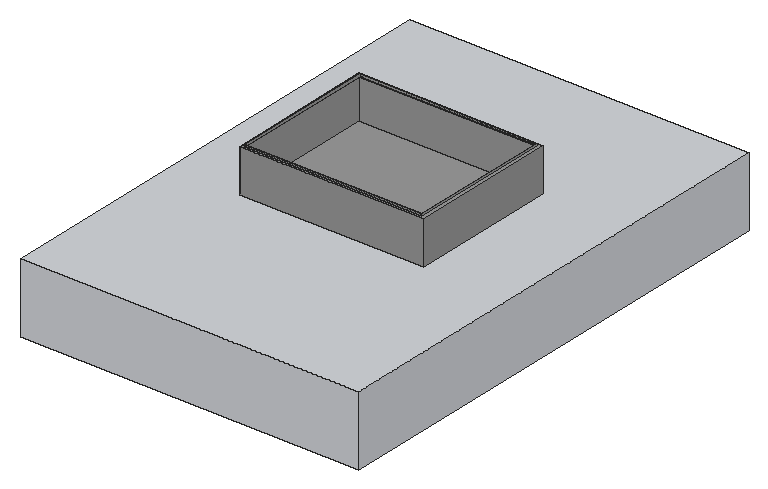
Revit family "Hager-Univers-IP30-D205-H650-Cl.II-Encl-CH-it", category Equipement électrique, Revit 2020
Family settings
  Hôte = Face
  Configuration du panneau = Deux colonnes, circuits au sein
  Cote de connecteur circulaire = Utiliser le diamètre
  Type d'élément = Tableau de raccordement
  Couper avec des vides une fois chargée = Non
  Partagée = Non
  Point de calcul de pièce = Non
Parameters (values of type "A parete IP30 L800 A650 P205  - FP43Q1S")
  Width Control [instance] = if([EF000008 - Larghezza] > Min Width, [EF000008 - Larghezza], Min Width)  # 800 mm
  Commentaires du type = [HG000003 - Gamma]  # "Univers"
  Thickness Door [instance] = if([EF009171 - spessore materiale porta/coperchio] > 3 mm, 3 mm, [EF009171 - spessore materiale porta/coperchio])  # 1 mm
  Seal Frame Offset [instance] = 17 mm  # constant formula
  Plinth Visibility [instance] = [HG000027 - Altezza dello zoccolo] > 0 mm  # no
  Model = ""
  Min Width [instance] = 100 mm  # constant formula
  Min Height [instance] = 100 mm  # constant formula
  Min Depth [instance] = (2 * [EF009170 - spessore materiale scatola]) + 1 mm  # 3 mm
  Internal Frame Depth [instance] = (Door System Depth * 0.5)  # 9 mm
  Height Control [instance] = if([EF000040 - Altezza] > Min Height, [EF000040 - Altezza], Min Height)  # 650 mm
  HG000027 - Altezza dello zoccolo = 0 mm
  HG000026 - A pavimento = no
  HG000024 - Altezza della sezione inferiore = 800 mm
  HG000023 - Custodia a doppia sezione = no
  HG000016 - Visibilità delle porte nella vista 3D [instance] = yes
  HG000015 - Visibilità attraverso la porta [instance] = no
  HG000014 - Porta destra [instance] = yes
  HG000013 - Porta sinistra [instance] = not([HG000014 - Porta destra])  # no
  HG000012 - Angolo di apertura della porta [instance] = 30.00°
  HG000010 - Porte asimmetriche = no
  HG000009 - Porta doppia a battente = no
  HG000006 - Ad incasso = no
  HG000004 - Codice produttore = "FP43Q1S"
  HG000003 - Gamma = "Univers"
  HG000002 - Con porta = no
  Frame Offset Bottom [instance] = 10 mm  # constant formula
  Frame Offset [instance] = 15 mm  # constant formula
  EF015940 - Coprire con rilascio di sovrapressione = no
  EF011959 - tipo di protezione (NEMA) = ""
  EF009554 - numero delle aperture per la piastra della flangia = 6
  Fabricant = "Hager"  # constant formula
  EF009212 - esecuzione coperchio = "EV009916 - con taglio"
  EF009171 - spessore materiale porta/coperchio = 1 mm
  EF009170 - spessore materiale scatola = 1 mm
  EF008873 - corrente nominale (In) = 250 A
  EF007800 - adatto per parafulmine = no
  EF006306 - con serratura = no
  EF006244 - coperchio/porta trasparente = no
  EF005474 - grado di protezione (IP) = "EV006410 - IP30"
  EF004464 - tipo di porta = "EV000494 - senza"
  EF004427 - numero di moduli = 144
  EF004293 - resistenza agli urti = "EV006813 - IK07"
  EF003532 - adatto per uso esterno = no
  EF002950 - Numero moduli DIN = 36
  EF001613 - Integrità del circuito = "EV000494 - senza"
  EF001596 - Attacco Lampada = "EV000179 - acciaio"
  EF001131 - profondità interna = 130 mm
  EF001088 - possibilità di applicazione = yes
  EF000437 - numero di ingressi per conduttori = 6
  EF000339 - tipo di copertura = "EV000494 - senza"
  EF000266 - numero di file = 4
  EF000218 - profondità di incasso = 0 mm
  EF000118 - con piastra di montaggio = no
  EF000116 - numero RAL = "9010"
  EF000049 - profondità = 205 mm
  EF000040 - Altezza = 650 mm
  EF000008 - Larghezza = 800 mm
  EF000007 - colore = "EV000202 - bianco"
  EF000003 - Tipo di montaggio = "EV000384 - A parete"
  Door System Leaf Tolerance [instance] = 1.5 mm  # constant formula
  Door System Depth [instance] = 18 mm  # constant formula
  Door Height [instance] = Height Control - [HG000027 - Altezza dello zoccolo]  # 650 mm
  Depth Control [instance] = if([EF000049 - profondità] > Min Depth, [EF000049 - profondità], Min Depth)  # 205 mm
  Default Elevation = 0 mm
  Connector Offset [instance] = Height Control / 2  # 325 mm
  Bottom Top Plate Trim [instance] = 1.5 mm  # constant formula
  Plinth height Ctrl [instance] = if([HG000027 - Altezza dello zoccolo] > 0 mm, [HG000027 - Altezza dello zoccolo], 12 mm)  # 12 mm
Types (5, lengths in mm): name | Width Control | HG000004 - Codice produttore | EF009554 - numero delle aperture per la piastra della flangia | EF004427 - numero di moduli | EF002950 - Numero moduli DIN | EF000437 - numero di ingressi per conduttori | EF000008 - Larghezza
  A parete IP30 L1050 A650 P205  - FP44Q1S | 1050 | "FP44Q1S" | 8 | 192 | 48 | 8 | 1050
  A parete IP30 L1300 A650 P205  - FP45Q1S | 1300 | "FP45Q1S" | 10 | 240 | 60 | 10 | 1300
  A parete IP30 L300 A650 P205  - FP41Q1S | 300 | "FP41Q1S" | 2 | 48 | 12 | 2 | 300
  A parete IP30 L550 A650 P205  - FP42Q1S | 550 | "FP42Q1S" | 4 | 96 | 24 | 4 | 550
  A parete IP30 L800 A650 P205  - FP43Q1S | 800 | "FP43Q1S" | 6 | 144 | 36 | 6 | 800
Reference planes
  plane 1 "Center (Front/Back)": y = 0
  plane 2: z = 0
  plane 3 "Center (Left/Right)": x = 0
  plane 4: z = 205
  plane 5: y = 1
  plane 6: y = 325
  plane 7: y = 0
  plane 8: y = 650
  plane 9: z = 0
  plane 10: x = -385
  plane 11: x = 385
  plane 12: x = 384
  plane 13: x = -384
  plane 14: y = 649
  plane 15: x = -383
  plane 16: x = -400
  plane 17: x = 383
  plane 18: x = 400
  plane 19: x = 399
  plane 20: x = -399
  plane 21: y = 11
  plane 22: y = 650
  plane 23: y = 634
  plane 24: z = 187
  plane 25: z = 1
  plane 26: z = 186
  plane 27: z = 204
Forms (mm)
  Extrusion 1, solid
    sketch origin (0, 0, 0) x (1, 0, 0) y (0, 1, 0)
      loop
        line (-702.964, 1305) -> (-702.964, -811.445) -> (766.763, -811.445) -> (766.763, 1305) -> (-702.964, 1305)
    from 0 to -304.8
  Extrusion 2, solid, material "Hager_Steel_RAL7035_Light_Grey", visible <- "Plinth Visibility", detail levels medium+fine
    sketch origin (0, 0, 0) x (1, 0, 0) y (0, 1, 0)
      loop
        line (-400, 0) -> (400, 0) -> (400, 12) -> (-400, 12) -> (-400, 0)
    from 0 to 187
  Extrusion 3, solid, material "Hager_Steel_RAL7035_Light_Grey", detail levels medium+fine
    sketch origin (0, 0, 0) x (1, 0, 0) y (0, 1, 0)
      loop
        line (-400, 0) -> (400, 0) -> (400, 650) -> (-400, 650) -> (-400, 0)
    from 0 to 187
  Extrusion 4, void
    sketch origin (0, 0, 0) x (1, 0, 0) y (0, 1, 0)
      loop
        line (-399, 1) -> (399, 1) -> (399, 649) -> (-399, 649) -> (-399, 1)
    from 1 to 186
  Extrusion 5, void
    sketch origin (-381.607, -4572, 187) x (0, -1, 0) y (-1, 0, 0)
      loop
        line (-4583, 2.393) -> (-5206, 2.393) -> (-5206, -765.607) -> (-4583, -765.607) -> (-4583, 2.393)
    from 0 to 1 <- "EF009170 - spessore materiale scatola"
  Extrusion 6, solid, material "Hager_Steel_RAL7035_Light_Grey", detail levels fine
    sketch origin (0, 0, 187) x (1, 0, 0) y (0, 1, 0)
      loop
        line (-384, 634) -> (-384, 11) -> (384, 11) -> (384, 634) -> (-384, 634)
      loop
        line (-385, 10) -> (385, 10) -> (385, 635) -> (-385, 635) -> (-385, 10)
    from 0 to 9 <- "Internal Frame Depth"
  Extrusion 7, solid, material "Hager_Steel_RAL7035_Light_Grey", detail levels coarse
    sketch origin (0, 0, 0) x (1, 0, 0) y (0, 1, 0)
      loop
        line (-400, 0) -> (400, 0) -> (400, 650) -> (-400, 650) -> (-400, 0)
    from 0 to 205
  Sweep 8, void
    path in 3D
      loop
        line (-400, 12, 0) -> (400, 12, 0) -> (400, 12, 187) -> (-400, 12, 187) -> (-400, 12, 0)
    profile origin (-400, 12, 93.5) x (-1, 0, 0) y (0, -1, 0)
      loop
        line (0, 0) -> (0, 1.5) -> (-1.5, 1.5)
        arc (-1.5, 1.5) -> (-1.061, 0.439) -> (0, 0) r 1.5
Cuts and joins
  Extrusion 4, Extrusion 5 cuts Extrusion 3
  Sweep 8 cuts Extrusion 2
Lines and regions (mm)
  Masking region 1
    outline origin (0, 0, 0) x (1, 0, 0) y (0, 0, 1)
      loop
        line (-400, 205) -> (-400, 0) -> (400, 0) -> (400, 205) -> (-400, 205)
  Masking region 2, detail levels medium+fine
    outline origin (0, 140, 0) x (0, 1, 0) y (0, 0, 1)
      loop
        line (-140, 0) -> (510, 0) -> (510, 187) -> (-140, 187) -> (-140, 0)
  Masking region 3, not visible, detail levels medium+fine
    outline origin (0, 297.922, 0) x (0, 1, 0) y (0, 0, 1)
      loop
        line (38.578, 0) -> (78.578, 0) -> (78.578, 194)
        arc (78.578, 194) -> (75.649, 201.071) -> (68.578, 204) r 10
        line (68.578, 204) -> (38.578, 204) -> (38.578, 0)
  Masking region 4, detail levels coarse
    outline origin (0, 0, 180) x (0, 1, 0) y (0, 0, 1)
      loop
        line (0, -180) -> (650, -180) -> (650, 25) -> (0, 25) -> (0, -180)
  Masking region 5, visible <- "Plinth Visibility", detail levels medium+fine
    outline origin (0, 52.24, 12.345) x (0, 0, -1) y (0, 1, 0)
      loop
        line (10.845, -40.24) -> (-173.155, -40.24)
        arc (-173.155, -40.24) -> (-173.594, -41.301) -> (-174.655, -41.74) r 1.5
        line (-174.655, -41.74) -> (-174.655, -52.24) -> (12.345, -52.24) -> (12.345, -41.74)
        arc (12.345, -41.74) -> (11.285, -41.301) -> (10.845, -40.24) r 1.5
  Masking region 6, detail levels medium+fine
    outline origin (-381.607, -4572, 187) x (-1, 0, 0) y (0, -1, 0)
      loop
        line (18.393, -5222) -> (18.393, -4572) -> (-781.607, -4572) -> (-781.607, -5222) -> (18.393, -5222)
  Masking region 7, visible <- "Plinth Visibility", detail levels medium+fine
    outline origin (-381.607, -4727, 187) x (-1, 0, 0) y (0, -1, 0)
      loop
        arc (16.893, -4739) -> (17.332, -4737.939) -> (18.393, -4737.5) r 1.5
        line (18.393, -4737.5) -> (18.393, -4727) -> (-781.607, -4727) -> (-781.607, -4737.5)
        arc (-781.607, -4737.5) -> (-780.546, -4737.939) -> (-780.107, -4739) r 1.5
        line (-780.107, -4739) -> (16.893, -4739)
  Masking region 8, detail levels coarse
    outline origin (-442.548, -4669.526, 187) x (-1, 0, 0) y (0, -1, 0)
      loop
        line (-42.548, -5319.526) -> (-42.548, -4669.526) -> (-842.548, -4669.526) -> (-842.548, -5319.526) -> (-42.548, -5319.526)
  sketch lines
    curve 1: line (-400, 12, 187) -> (-400, 12, 0)
    curve 2: line (400, 12, 187) -> (-400, 12, 187)
    curve 3: line (400, 12, 187) -> (400, 12, 0)
    curve 4: line (-400, 12, 0) -> (400, 12, 0)
Dimensions and locks
  "Depth Control": plane 4 to Extrusion 1
  "HG000027 - Altezza dello zoccolo": plane 1 "Center (Front/Back)" to plane 7
  "EF009170 - spessore materiale scatola": plane 5 to plane 7
  locked: connector elem to plane 3 "Center (Left/Right)"
  equal spacing: plane 8, plane 6, plane 7
  locked: connector elem to plane 6
  "EF009170 - spessore materiale scatola": plane 8 to plane 14
  "EF009170 - spessore materiale scatola": plane 10 to plane 13
  "EF009170 - spessore materiale scatola": plane 12 to plane 11
  "Frame Offset": plane 20 to plane 13
  "Frame Offset": plane 12 to plane 19
  "EF009170 - spessore materiale scatola": plane 16 to plane 20
  "EF009170 - spessore materiale scatola": plane 19 to plane 18
  "Seal Frame Offset": plane 16 to plane 15
  "Seal Frame Offset": plane 17 to plane 18
  "Frame Offset Bottom": plane 21 to plane 5
  "Frame Offset": plane 14 to plane 23
  equal spacing: plane 16, plane 3 "Center (Left/Right)", plane 18
  "Width Control": plane 16 to plane 18
  "EF009170 - spessore materiale scatola": plane 4 to plane 27
  "EF009170 - spessore materiale scatola": plane 24 to plane 26
  "EF009170 - spessore materiale scatola": plane 25 to level
  "Door System Depth": plane 4 to plane 24
  "Height Control": plane 1 "Center (Front/Back)" to Extrusion 7 sketch curve
  "Height Control": Masking region 4 sketch curve to plane 1 "Center (Front/Back)"
  "Height Control": plane 1 "Center (Front/Back)" to plane 22
  "Bottom Top Plate Trim": profile plane to Sweep 8 sketch curve
  "Bottom Top Plate Trim": Sweep 8 sketch curve to profile plane
  "Plinth height Ctrl": plane 1 "Center (Front/Back)" to Extrusion 2 sketch curve
  "Plinth height Ctrl": Masking region 5 sketch curve to plane 1 "Center (Front/Back)"
  "Plinth height Ctrl": plane 1 "Center (Front/Back)" to Masking region 7 sketch curve
  "Thickness Door": Extrusion 6 sketch curve to Extrusion 6 sketch curve  (x3)
  "Thickness Door": cut or joined group of Extrusion 3, Extrusion 4, Extrusion 5 to Extrusion 6 sketch curve
  radius of Masking region 3 sketch curve = 10 mm
  "Bottom Top Plate Trim": radius of Masking region 5 sketch curve  (x2)
  "Bottom Top Plate Trim": radius of Sweep 8 sketch curve
  "Bottom Top Plate Trim": radius of Masking region 7 sketch curve  (x2)
  aligned and locked: plane 2 to Extrusion 1
  aligned and locked: level to Extrusion 1
  aligned and locked: level to Masking region 1 sketch curve
  aligned and locked: Masking region 1 sketch curve to plane 18
  aligned and locked: Masking region 1 sketch curve to plane 16
  aligned and locked: plane 7 to Masking region 2 sketch curve
  aligned and locked: level to Masking region 3 sketch curve
  aligned and locked: Masking region 3 sketch curve to plane 27
  aligned and locked: level to Masking region 2 sketch curve
  aligned and locked: plane 1 "Center (Front/Back)" to Extrusion 2 sketch curve
  aligned and locked: Extrusion 3 sketch curve to plane 7
  aligned and locked: plane 16 to Extrusion 3 sketch curve
  aligned and locked: plane 18 to Extrusion 3 sketch curve
  aligned and locked: plane 20 to Extrusion 4 sketch curve
  aligned and locked: plane 19 to Extrusion 4 sketch curve
  aligned and locked: Extrusion 4 sketch curve to plane 5
  aligned and locked: Extrusion 4 to plane 25
  aligned and locked: plane 26 to Extrusion 4
  aligned and locked: plane 24 to Extrusion 3
  aligned and locked: Extrusion 5 sketch curve to plane 21
  aligned and locked: Extrusion 5 sketch curve to plane 13
  aligned and locked: Extrusion 5 sketch curve to plane 12
  aligned and locked: plane 18 to Extrusion 7 sketch curve
  aligned and locked: plane 1 "Center (Front/Back)" to Extrusion 7 sketch curve
  aligned and locked: plane 16 to Extrusion 7 sketch curve
  aligned and locked: plane 4 to Extrusion 7
  aligned and locked: Extrusion 7 to level
  aligned and locked: level to Masking region 4 sketch curve
  aligned and locked: Masking region 4 sketch curve to plane 1 "Center (Front/Back)"
  aligned and locked: Masking region 4 sketch curve to plane 4
  aligned and locked: nested 1 to level
  aligned and locked: nested 1 to plane 16
  aligned and locked: plane 8 to Extrusion 3 sketch curve
  aligned and locked: plane 23 to Extrusion 5 sketch curve
  aligned and locked: plane 14 to Extrusion 4 sketch curve
  aligned and locked: Masking region 2 sketch curve to plane 8
  aligned and locked: level to Masking region 5 sketch curve
  aligned and locked: plane 16 to Extrusion 2 sketch curve
  aligned and locked: plane 18 to Extrusion 2 sketch curve
  aligned and locked: Masking region 5 sketch curve to plane 24
  aligned and locked: Masking region 2 sketch curve to plane 24
  aligned and locked: plane 24 to Extrusion 2
  aligned and locked: profile plane to Sweep 8 sketch curve  (x2)
  aligned and locked: Masking region 6 sketch curve to plane 18
  aligned and locked: Masking region 6 sketch curve to plane 22
  aligned and locked: Masking region 6 sketch curve to plane 16
  aligned and locked: plane 8 to plane 22
  aligned and locked: Masking region 6 sketch curve to plane 7
  aligned and locked: Masking region 7 sketch curve to plane 16
  aligned and locked: Masking region 7 sketch curve to plane 1 "Center (Front/Back)"
  aligned and locked: Masking region 7 sketch curve to plane 18
  aligned and locked: Masking region 8 sketch curve to plane 1 "Center (Front/Back)"
  aligned and locked: Masking region 8 sketch curve to plane 18
  aligned and locked: Masking region 8 sketch curve to plane 22
  aligned and locked: Masking region 8 sketch curve to plane 16
  aligned and locked: nested 2 to plane 7
  aligned and locked: plane 3 "Center (Left/Right)" to nested 2
  aligned and locked: nested 2 to plane 24
  aligned and locked: Extrusion 6 sketch curve to cut or joined group of Extrusion 3, Extrusion 4, Extrusion 5  (x4)
Automatic sketch dimensions
  Extrusion 1 sketch curve to Extrusion 1 sketch curve = 1469.727 mm
  Extrusion 1 sketch curve to Extrusion 1 sketch curve = 2116.445 mm
  Masking region 1 sketch curve to plane 4 = 0 mm
  plane 6 to Masking region 3 sketch curve = 11.5 mm
  Masking region 3 sketch curve to Masking region 3 sketch curve = 30 mm
  Masking region 5 sketch curve to plane 1 "Center (Front/Back)" = 0 mm
Nested families
  nested 1: "Hager_Enclosure_Symbol" at (-400, 0, 0) x (1, 0, 0) z (0, -1, 0), Height <- "Depth Control", Width <- "Width Control", type "Hager_Enclosure_Symbol"
    with Width_Ctrl 800 mm, Width 800 mm, Height_Ctrl 205 mm, Height 205 mm, A_Width_Int 13.453 mm, A_Width 161.438 mm, A_Height_Ctrl 179.375 mm, A_Height 179.375 mm
  nested 2: "EC000058_Univers_Door" at (0, 0, 187) x (1, 0, 0) z (0, 1, 0), Leaf_Tolerance <- "Door System Leaf Tolerance", Angle <- "HG000012 - Angolo di apertura della porta", Door_Depth <- "Door System Depth", Door_Left <- "HG000013 - Porta sinistra", Transparent <- "EF006244 - coperchio/porta trasparente", Assymetrical <- "HG000010 - Porte asimmetriche", Width <- "Width Control", Clearance <- "HG000015 - Visibilità attraverso la porta", Double <- "HG000009 - Porta doppia a battente", 3d_Door <- "HG000016 - Visibilità delle porte nella vista 3D", Lock_Visibility <- "EF006306 - con serratura", Width_Ctrl <- "Width Control", Door_Right <- "HG000014 - Porta destra", Door <- "HG000002 - Con porta", Height <- "Door Height", Thickness <- "Thickness Door", type "EC000058_Univers_Door", detail levels medium+fine
    with min_wh 3 mm, Width_Ctrl 800 mm, Width 800 mm, Transparent no, Thickness 1 mm, Seal_Material Hager_Rubber, Lock_Visibility no, Lock_Material Hager_Plastic_RAL9005_Jet_Black, Leaf_Width 800 mm, Leaf_Tolerance_External_Sides 0 mm, Leaf_Tolerance 1.5 mm, Leaf_Offset 0 mm, Leaf_Height 647 mm, Leaf_2_Width 800 mm, Leaf_2_Offset 400 mm, Leaf_1_Width 800 mm, Leaf_1_Offset 400 mm, Height_Ctrl 650 mm, Height 650 mm, Glass_Material Hager_Glass, Double_Clearance_Ctrl no, Double no, Door_Right_Ctrl no, Door_Right yes, Door_Material Hager_Steel_RAL7035_Light_Grey, Door_Left_Ctrl no, Door_Left no, Door_Depth 18 mm, Door no, Clearance_Material Hager_Clearance, Clearance_Depth 800 mm, Clearance_Ctrl no, Clearance no, Assymetrical no, Angle 30.00°, 3d_Door yes
Connectors
  electrical at (0, 325, 0)
    settings: on plane 9, index 1, voltage 0 V, apparent load 0 VA, apparent load phase1 0 VA, apparent load phase2 0 VA, apparent load phase3 0 VA, power factor 1, load classification "Other", number of poles 1, system type 30, power factor state 1, is connector primary yes, connector utility no, sub classification motor no, connector description ""
Definition of nested family "Hager_Enclosure_Symbol"
  Parameters (values of type "Hager_Enclosure_Symbol")
    Width_Ctrl [instance] = if(Width > 1 mm, Width, 1 mm)  # 102.27 mm
    Width [instance] = 102.27 mm
    Height_Ctrl [instance] = if(Height > 1 mm, Height, 1 mm)  # 66.5 mm
    A_Width_Int [instance] = if(A_Width / 12 > 2 mm, A_Width / 12, 2 mm)  # 4.364 mm
    A_Width [instance] = if(A_Height_Ctrl * 0.9 > 2 mm, A_Height_Ctrl * 0.9, 2 mm)  # 52.369 mm
    A_Height_Ctrl [instance] = if(A_Height > 2 mm, A_Height, 2 mm)  # 58.188 mm
    Height [instance] = 66.5 mm
    A_Height [instance] = Height - (Height / 8)  # 58.188 mm
  Reference planes
    plane 1 "Centre (avant/arrière)": y = 0
    plane 2: z = 0
    plane 3 "Centre (gauche/droite)": x = 0
    plane 4: x = 52.369
    plane 5: y = 33.042
    plane 6: y = 41.77
    plane 7: y = 66.5
    plane 8: x = 26.184
    plane 9: y = 37.406
    plane 10: x = 102.27
    plane 11: y = 66.5
    plane 12: y = 8.313
  Lines and regions (mm)
    Filled region 1, type "Solid_Black", in view "Niveau de réf."
      outline origin (0, 0, 0) x (1, 0, 0) y (0, 1, 0)
        loop
          line (52.369, 66.5) -> (33.188, 54.536) -> (45.365, 45.006) -> (52.369, 66.5)
    Filled region 2, type "Solid_Black", in view "Niveau de réf."
      outline origin (0, 0, 0) x (1, 0, 0) y (0, 1, 0)
        loop
          line (0, 0) -> (102.27, 0) -> (102.27, 66.5) -> (0, 0)
    detail lines, in view "Niveau de réf."
      curve 1: line (0, 8.313, 0) -> (26.184, 41.77, 0)
      curve 2: line (26.184, 41.77, 0) -> (26.184, 33.042, 0)
      curve 3: line (26.184, 33.042, 0) -> (52.369, 66.5, 0)
  Dimensions and locks
    "A_Width": plane 3 "Centre (gauche/droite)" to plane 4
    equal spacing: plane 3 "Centre (gauche/droite)", plane 8, plane 4
    equal spacing: plane 6, plane 9, plane 5
    equal spacing: curve 3, Filled region 1 sketch curve, Filled region 1 sketch curve
    "Height_Ctrl": plane 1 "Centre (avant/arrière)" to plane 11
    "A_Height_Ctrl": plane 11 to plane 12
    equal spacing: plane 11, plane 9, plane 12
    "A_Width_Int": plane 6 to plane 9
    "Width_Ctrl": plane 3 "Centre (gauche/droite)" to plane 10
    angle Filled region 1 sketch curve to curve 3 = 20.00°
    angle curve 3 to Filled region 1 sketch curve = 20.00°
    locked: curve 3 to Filled region 1 sketch curve (angle 90.00°)
    aligned and locked: plane 10 to Filled region 2
    aligned and locked: plane 11 to Filled region 2 sketch curve
    aligned and locked: plane 10 to Filled region 2 sketch curve
    aligned and locked: plane 3 "Centre (gauche/droite)" to curve 1
    aligned and locked: plane 12 to curve 1
    aligned and locked: plane 7 to plane 11
  Automatic sketch dimensions
    Filled region 1 sketch curve to plane 4 = 0 mm
    Filled region 1 sketch curve to plane 7 = 0 mm
    plane 1 "Centre (avant/arrière)" to Filled region 2 sketch curve = 0 mm
    Filled region 2 sketch curve to plane 3 "Centre (gauche/droite)" = 0 mm
    curve 2 to plane 6 = 0 mm
    curve 2 to plane 8 = 0 mm
    curve 3 to plane 4 = 0 mm
    curve 2 to plane 5 = 0 mm
    curve 3 to plane 7 = 0 mm
Definition of nested family "EC000058_Univers_Door"
  Parameters (values of type "EC000058_Univers_Door")
    min_wh [instance] = (2 * Thickness) + 1 mm  # 11 mm
    Width_Ctrl [instance] = 400 mm
    Width [instance] = 500 mm
    Transparent [instance] = yes
    Thickness [instance] = 5 mm
    Seal_Material [instance] = none
    Lock_Visibility [instance] = yes
    Lock_Material [instance] = none
    Leaf_Width [instance] = if((Width_Ctrl - 2 * Leaf_Tolerance_External_Sides) > 0 mm, (Width_Ctrl - 2 * Leaf_Tolerance_External_Sides), min_wh)  # 400 mm
    Leaf_Tolerance_External_Sides [instance] = 0 mm  # constant formula
    Leaf_Tolerance [instance] = 1.5 mm
    Leaf_Offset [instance] = 0 mm  # constant formula
    Leaf_Height [instance] = if((Height_Ctrl - 2 * Leaf_Tolerance) > 0 mm, (Height_Ctrl - 2 * Leaf_Tolerance), min_wh)  # 497 mm
    Leaf_2_Width [instance] = if(and(and(Double, Assymetrical), Door_Left), (Leaf_Width / 3) - (Leaf_Tolerance / 2), if(and(and(Double, Assymetrical), Door_Right), (Leaf_Width / 3) * 2 - (Leaf_Tolerance / 2), if(and(Double, not(Assymetrical)), (Leaf_Width / 2) - Leaf_Tolerance, Leaf_Width)))  # 400 mm
    Leaf_2_Offset [instance] = if(and(Double, Assymetrical), Leaf_2_Width / 2, if(and(Double, not(Assymetrical)), Leaf_Width / 4, Leaf_Width / 2))  # 200 mm
    Leaf_1_Width [instance] = if(and(and(Double, Assymetrical), Door_Right), (Leaf_Width / 3) - (Leaf_Tolerance / 2), if(and(and(Double, Assymetrical), Door_Left), (Width / 3) * 2 - (Leaf_Tolerance / 2), if(and(Double, not(Assymetrical)), (Leaf_Width / 2) - Leaf_Tolerance, Leaf_Width)))  # 400 mm
    Leaf_1_Offset [instance] = if(and(Double, Assymetrical), Leaf_1_Width / 2, if(and(Double, not(Assymetrical)), Leaf_Width / 4, Leaf_Width / 2))  # 200 mm
    Height_Ctrl [instance] = if(Height > min_wh, Height, min_wh)  # 500 mm
    Height [instance] = 500 mm
    Glass_Material [instance] = none
    Double_Clearance_Ctrl [instance] = and(Double, Clearance)  # no
    Double [instance] = no
    Door_Right_Ctrl [instance] = and(or(Door_Right, Double), Door)  # yes
    Door_Right [instance] = yes
    Door_Material [instance] = none
    Door_Left_Ctrl [instance] = and(or(Door_Left, Double), Door)  # no
    Door_Left [instance] = no
    Door_Depth [instance] = 30 mm
    Door [instance] = yes
    Default Elevation = 1219.2 mm
    Clearance_Material [instance] = none
    Clearance_Depth [instance] = if(Leaf_1_Width > Leaf_2_Width, Leaf_1_Width, Leaf_2_Width)  # 400 mm
    Clearance_Ctrl [instance] = and(not(Double), Clearance)  # yes
    Clearance [instance] = yes
    Assymetrical [instance] = yes
    Angle [instance] = 30.00°
    3d_Door [instance] = yes
  Reference planes
    plane 1 "Center (Front/Back)": y = 0
    plane 2 "Bottom": z = 0
    plane 3 "Center (Left/Right)": x = 0
    plane 4: z = 500
    plane 5: x = -200
    plane 6: x = 200
    plane 7: z = 500
    plane 8: x = -200
    plane 9: z = 0
    plane 10: x = 200
    plane 11: y = 0
    plane 12: z = 1.5
    plane 13: x = -600
    plane 14: y = -400
    plane 15: x = 600
    plane 16: x = 0
    plane 17: x = 0
    plane 18: x = -200
    plane 19: x = 200
    plane 20: z = 498.5
  Forms (mm)
    Extrusion 1, solid, material <- "Clearance_Material", visible <- "Double_Clearance_Ctrl"
      sketch origin (1200, 0, 0) x (1, 0, 0) y (0, 0, -1)
        loop
          line (-1800, -498.5) -> (-600, -498.5) -> (-600, 0) -> (-1800, 0) -> (-1800, -498.5)
      from 0 to -400
  Dimensions and locks
    equal spacing: plane 5, plane 3 "Center (Left/Right)", plane 6
    "Width_Ctrl": plane 5 to plane 6
    "Leaf_Offset": plane 5 to plane 8
    "Leaf_Offset": plane 6 to plane 10
    "Leaf_Offset": plane 9 to level
    "Leaf_Offset": plane 4 to plane 7
    "Height_Ctrl": plane 4 to level
    "Leaf_Tolerance": plane 12 to plane 9
    locked: plane 11 to plane 1 "Center (Front/Back)"
    "Leaf_1_Offset": plane 18 to plane 16
    "Leaf_2_Offset": plane 17 to plane 19
    "Leaf_1_Width": plane 13 to plane 8
    "Leaf_2_Width": plane 10 to plane 15
    "Clearance_Depth": plane 14 to plane 1 "Center (Front/Back)"
    "Leaf_Tolerance_External_Sides": plane 8 to plane 18
    "Leaf_Tolerance_External_Sides": plane 19 to plane 10
    "Leaf_Tolerance": plane 7 to plane 20
    aligned and locked: level to plane 2 "Bottom"
    aligned and locked: nested 1 to plane 16
    aligned and locked: nested 2 to plane 17
    aligned and locked: Extrusion 1 to plane 13
    aligned and locked: plane 15 to Extrusion 1
    aligned and locked: Extrusion 1 to plane 14
    aligned and locked: plane 12 to nested 1
    aligned and locked: nested 2 to plane 12
    aligned and locked: Extrusion 1 to plane 11
    aligned and locked: plane 20 to Extrusion 1
    aligned and locked: nested 2 to plane 11
    aligned and locked: nested 1 to plane 11
  Automatic sketch dimensions
    Extrusion 1 sketch curve to level = 0 mm
    plane 5 to Extrusion 1 sketch curve = 400 mm
    plane 6 to Extrusion 1 sketch curve = 400 mm
    Extrusion 1 sketch curve to plane 4 = 1.5 mm
  Nested families
    nested 1: "EC000058_Univers_Door_Leaf" at (0, 0, 1.5), Width <- "Leaf_1_Width", visible <- "Door_Left_Ctrl", Leaf_Height <- "Leaf_Height", Angle <- "Angle", 3d_Door <- "3d_Door", Transparent <- "Transparent", Clearance Material <- "Clearance_Material", Clearance <- "Clearance_Ctrl", Door_Material <- "Door_Material", Glass_Material <- "Glass_Material", Door_Depth <- "Door_Depth", Lock_Material <- "Lock_Material", Seal_Material <- "Seal_Material", Lock_Visibility <- "Lock_Visibility", Thickness <- "Thickness", type "EC000058_Univers_Door_Leaf"
      with Width 400 mm, Transparent_Glass_Offset 30 mm, Transparent_Ctrl yes, Transparent yes, Thickness 5 mm, Standard no, Seal_Material none, Seal_D2 8 mm, Seal_D1 1 mm, Offset_Internal_Frame 10 mm, Lock_Width 20 mm, Lock_Visibility_3d yes, Lock_Visibility yes, Lock_Thickness_3 3 mm, Lock_Thickness_2 1 mm, Lock_Thickness_1 3 mm, Lock_Radius_Offset_2 16 mm, Lock_Radius_Offset_1 15 mm, Lock_Radius_2 5 mm, Lock_Radius 6 mm, Lock_Offset 5 mm, Lock_Material none, Lock_Height 80 mm, Lock_Cover_Top_Offset_2d 17 mm, Lock_Cover_Height -65 mm, Leaf_Height 497 mm, Internal_Seal_Thickness 8 mm, Internal_Seal_Depth_2 4.5 mm, Internal_Frame_Depth 25 mm, Glass_Thickness -1 mm, Glass_Offset -2 mm, Glass_Material none, Door_Material none, Door_Depth 30 mm, Clearance Material none, Clearance yes, Angle_Ctrl 30.00°, Angle 30.00°, 3d_Door yes
    nested 2: "EC000058_Univers_Door_Leaf" at (0, 0, 1.5) x (-1, 0, 0) z (0, 0, 1), Width <- "Leaf_2_Width", visible <- "Door_Right_Ctrl", Leaf_Height <- "Leaf_Height", Angle <- "Angle", 3d_Door <- "3d_Door", Transparent <- "Transparent", Clearance Material <- "Clearance_Material", Clearance <- "Clearance_Ctrl", Door_Material <- "Door_Material", Glass_Material <- "Glass_Material", Door_Depth <- "Door_Depth", Lock_Material <- "Lock_Material", Seal_Material <- "Seal_Material", Lock_Visibility <- "Lock_Visibility", Thickness <- "Thickness", type "EC000058_Univers_Door_Leaf"
      with Width 400 mm, Transparent_Glass_Offset 30 mm, Transparent_Ctrl yes, Transparent yes, Thickness 5 mm, Standard no, Seal_Material none, Seal_D2 8 mm, Seal_D1 1 mm, Offset_Internal_Frame 10 mm, Lock_Width 20 mm, Lock_Visibility_3d yes, Lock_Visibility yes, Lock_Thickness_3 3 mm, Lock_Thickness_2 1 mm, Lock_Thickness_1 3 mm, Lock_Radius_Offset_2 16 mm, Lock_Radius_Offset_1 15 mm, Lock_Radius_2 5 mm, Lock_Radius 6 mm, Lock_Offset 5 mm, Lock_Material none, Lock_Height 80 mm, Lock_Cover_Top_Offset_2d 17 mm, Lock_Cover_Height -65 mm, Leaf_Height 497 mm, Internal_Seal_Thickness 8 mm, Internal_Seal_Depth_2 4.5 mm, Internal_Frame_Depth 25 mm, Glass_Thickness -1 mm, Glass_Offset -2 mm, Glass_Material none, Door_Material none, Door_Depth 30 mm, Clearance Material none, Clearance yes, Angle_Ctrl 30.00°, Angle 30.00°, 3d_Door yes
  Definition of nested family "EC000058_Univers_Door_Leaf"
    Parameters (values of type "EC000058_Univers_Door_Leaf")
      Width [instance] = 2000 mm
      Transparent_Glass_Offset [instance] = 30 mm
      Transparent_Ctrl [instance] = and(Transparent, [3d_Door])  # yes
      Transparent [instance] = yes
      Thickness [instance] = 5 mm
      Standard [instance] = and(not(Transparent), [3d_Door])  # no
      Seal_Material [instance] = none
      Seal_D2 [instance] = 8 mm  # constant formula
      Seal_D1 [instance] = 1 mm  # constant formula
      Offset_Internal_Frame [instance] = 10 mm  # constant formula
      Lock_Width [instance] = 20 mm  # constant formula
      Lock_Visibility_3d [instance] = and(Lock_Visibility, [3d_Door])  # yes
      Lock_Visibility [instance] = yes
      Lock_Thickness_3 [instance] = 3 mm  # constant formula
      Lock_Thickness_2 [instance] = 1 mm  # constant formula
      Lock_Thickness_1 [instance] = 3 mm  # constant formula
      Lock_Radius_Offset_2 [instance] = Lock_Radius_Offset_1 + 1 mm  # 16 mm
      Lock_Radius_Offset_1 [instance] = 15 mm  # constant formula
      Lock_Radius_2 [instance] = Lock_Radius - 1 mm  # 5 mm
      Lock_Radius [instance] = 6 mm  # constant formula
      Lock_Offset [instance] = 5 mm  # constant formula
      Lock_Material [instance] = none
      Lock_Height [instance] = 80 mm  # constant formula
      Lock_Cover_Top_Offset_2d [instance] = Lock_Radius_Offset_2 + 1 mm  # 17 mm
      Lock_Cover_Height [instance] = -(Lock_Height - Lock_Radius_Offset_1)  # -65 mm
      Leaf_Height [instance] = 2720.336 mm
      Internal_Seal_Thickness [instance] = 8 mm  # constant formula
      Internal_Seal_Depth_2 [instance] = 4.5 mm  # constant formula
      Internal_Frame_Depth [instance] = if(Door_Depth - Thickness > 5 mm, Door_Depth - Thickness, 5 mm)  # 25 mm
      Glass_Thickness [instance] = if(Thickness > 15 mm, Glass_Offset + 10 mm, -1 mm)  # -1 mm
      Glass_Offset [instance] = if(Thickness > 15 mm, -(Thickness + 10 mm) / 2, -2 mm)  # -2 mm
      Glass_Material [instance] = none
      Door_Material [instance] = none
      Door_Depth [instance] = 30 mm
      Default Elevation = 0 mm
      Clearance Material [instance] = none
      Clearance [instance] = yes
      Angle_Ctrl [instance] = if(Angle > 180.00°, 180.00°, Angle)  # 90.00°
      Angle [instance] = 90.00°
      3d_Door [instance] = yes
    Reference planes
      plane 1 "Center (Front/Back)": y = 0
      plane 2: z = 0
      plane 3 "Center (Left/Right)": x = 0
      plane 4: y = 2000
      plane 5: x = -1000
      plane 6: x = 1000
      plane 7: x = -3000
      plane 8: z = 2720.336
      plane 9: z = 30
      plane 10: z = 2690.336
      plane 11: x = 970
      plane 12: x = -970
      plane 13: y = -3
      plane 14: z = 107.833
      plane 15: y = -5
      plane 16: y = -223.314
      plane 17: x = -1000
      plane 18: z = 1360.168
      plane 19: y = 30
    Forms (mm)
      Extrusion 1, solid, material <- "Clearance Material", visible <- "Clearance"
        sketch origin (0, 0, 0) x (1, 0, 0) y (0, 0, 1)
          loop
            line (-3000, 2720.336) -> (-3000, 0) -> (1000, 0) -> (1000, 2720.336) -> (-3000, 2720.336)
        from 0 to -2000
      Extrusion 2, solid, material <- "Door_Material", visible <- "Standard", detail levels medium+fine
        sketch origin (-1000, 0, 0) x (0, 1, 0) y (-1, 0, 0)
          loop
            line (0, 30) -> (0, 25) -> (2000, 25) -> (2000, 30) -> (0, 30)
        from 0 to 2720.336 <- "Leaf_Height"
      Extrusion 3, solid, material <- "Door_Material", visible <- "Transparent_Ctrl", detail levels medium+fine
        sketch origin (-1000, 0, 0) x (0, 1, 0) y (-1, 0, 0)
          loop
            line (0, 25) -> (2000, 25) -> (2000, 30) -> (0, 30) -> (0, 25)
        from 0 to 2720.336 <- "Leaf_Height"
      Extrusion 4, void
        sketch origin (-1025, 2000, 0) x (0, 1, 0) y (0, 0, -1)
          loop
            line (-30, -2690.336) -> (-30, -30) -> (-1970, -30) -> (-1970, -2690.336) -> (-30, -2690.336)
        from 0 to 5 <- "Thickness"
      Sweep 5, solid, material <- "Seal_Material", visible <- "Transparent_Ctrl", detail levels fine
        path in 3D
          loop
            line (-1025, 30, 30) -> (-1025, 30, 2690.336) -> (-1025, 1970, 2690.336) -> (-1025, 1970, 30) -> (-1025, 30, 30)
        profile origin (-1025, 1000, 30) x (1, 0, 0) y (0, 0, 1)
          loop
            line (0, 0) -> (0, -8) -> (1, -8) -> (1, 0) -> (0, 0)
      Extrusion 6, solid, material <- "Glass_Material", visible <- "Transparent_Ctrl", detail levels medium+fine
        sketch origin (-1030, 0, 0) x (0, 1, 0) y (0, 0, -1)
          loop
            line (1970, -2690.336) -> (1970, -30) -> (30, -30) -> (30, -2690.336) -> (1970, -2690.336)
        from -2 <- "Glass_Offset" to -1 <- "Glass_Thickness"
      Extrusion 7, solid, material <- "Door_Material", visible <- "3d_Door", detail levels medium+fine
        sketch origin (-1025, 2000, 0) x (0, -1, 0) y (0, 0, -1)
          loop
            line (0, -2720.336) -> (2000, -2720.336) -> (2000, 0) -> (0, 0) -> (0, -2720.336)
          loop
            line (1995, -5) -> (5, -5) -> (5, -2715.336) -> (1995, -2715.336) -> (1995, -5)
        from 0 to 25 <- "Internal_Frame_Depth"
      Sweep 8, solid, material <- "Seal_Material", visible <- "Transparent_Ctrl", detail levels fine
        path in 3D
          loop
            line (-1025, 0, 0) -> (-1025, 2000, 0) -> (-1025, 2000, 2720.336) -> (-1025, 0, 2720.336) -> (-1025, 0, 0)
        profile origin (-1025, 0, 1360.168) x (1, 0, 0) y (0, 1, 0)
          loop
            line (0, 10) -> (2.975, 10)
            arc (2.975, 10) -> (4.053, 10.447) -> (4.5, 11.525) r 1.525
            line (4.5, 11.525) -> (4.5, 16.527)
            arc (4.5, 16.527) -> (4.069, 17.569) -> (3.027, 18) r 1.473
            line (3.027, 18) -> (0, 18) -> (0, 10)
      Extrusion 9, solid, material <- "Lock_Material", visible <- "Lock_Visibility_3d", detail levels fine
        sketch origin (-1030, 0, 0) x (0, 1, 0) y (0, 0, -1)
          loop
            arc (1993.5, -1400.168) -> (1994.561, -1399.729) -> (1995, -1398.668) r 1.5
            line (1995, -1398.668) -> (1995, -1320.168) -> (1975, -1320.168) -> (1975, -1398.668)
            arc (1975, -1398.668) -> (1975.439, -1399.729) -> (1976.5, -1400.168) r 1.5
            line (1976.5, -1400.168) -> (1993.5, -1400.168)
        from 3 <- "Lock_Thickness_1" to 0
      Blend 10, solid, material <- "Lock_Material", visible <- "Lock_Visibility_3d", detail levels fine
        base sketch origin (-1033, 0, 0) x (0, 1, 0) y (0, 0, -1)
          loop
            line (1975, -1320.168) -> (1975, -1398.668)
            arc (1975, -1398.668) -> (1975.439, -1399.729) -> (1976.5, -1400.168) r 1.5
            line (1976.5, -1400.168) -> (1993.5, -1400.168)
            arc (1993.5, -1400.168) -> (1994.561, -1399.729) -> (1995, -1398.668) r 1.5
            line (1995, -1398.668) -> (1995, -1320.168) -> (1975, -1320.168)
        top sketch origin (-1033, 0, 0) x (0, 1, 0) y (0, 0, -1)
          loop
            line (1976, -1320.168) -> (1976, -1398.668)
            arc (1976, -1398.668) -> (1976.146, -1399.022) -> (1976.5, -1399.168) r 0.5
            line (1976.5, -1399.168) -> (1993.5, -1399.168)
            arc (1993.5, -1399.168) -> (1993.854, -1399.022) -> (1994, -1398.668) r 0.5
            line (1994, -1398.668) -> (1994, -1320.168) -> (1976, -1320.168)
        from 0 to 1 <- "Lock_Thickness_2"
      Blend 11, solid, material <- "Lock_Material", visible <- "Lock_Visibility_3d", detail levels fine
        base sketch origin (-1034, 0, 0) x (0, 1, 0) y (0, 0, -1)
          loop
            line (1978, -1320.168) -> (1978, -1384.168)
            arc (1978, -1384.168) -> (1985, -1391.168) -> (1992, -1384.168) r 7
            line (1992, -1384.168) -> (1992, -1320.168) -> (1978, -1320.168)
        top sketch origin (-1034, 0, 0) x (0, 1, 0) y (0, 0, -1)
          loop
            line (1991, -1320.168) -> (1979, -1320.168) -> (1979, -1383.168)
            arc (1979, -1383.168) -> (1985, -1389.168) -> (1991, -1383.168) r 6
            line (1991, -1383.168) -> (1991, -1320.168)
        from 0 to 3 <- "Lock_Thickness_3"
      Extrusion 12, solid, material <- "Lock_Material", visible <- "Lock_Visibility_3d", detail levels fine
        sketch origin (-1030, 1975, 1320.168) x (1, 0, 0) y (0, -1, 0)
          loop
            line (-7, -19) -> (-7, -1) -> (0, -1) -> (0, 0) -> (-8, 0) -> (-8, -20) -> (0, -20) -> (0, -19) -> (-7, -19)
        from 0 to -65 <- "Lock_Cover_Height"
      Extrusion 13, void
        sketch origin (-1038, 1995, 1320.168) x (-1, 0, 0) y (0, 0, -1)
          loop
            line (-5, -65) -> (0, -65) -> (-5, -60) -> (-5, -65)
        from 0 to 20 <- "Lock_Width"
      Extrusion 14, void
        sketch origin (-1038, 1975, 1320.168) x (0, -1, 0) y (0, 0, -1)
          loop
            circle (-10, -15.995) r 6
          loop
            circle (-10, -15.995) r 5
        from 0 to 2
      Extrusion 15, solid, material <- "Lock_Material", visible <- "Lock_Visibility_3d", detail levels medium
        sketch origin (-1030, 0, 0) x (0, 1, 0) y (0, 0, -1)
          loop
            arc (1993.5, -1400.168) -> (1994.561, -1399.729) -> (1995, -1398.668) r 1.5
            line (1995, -1398.668) -> (1995, -1320.168) -> (1975, -1320.168) -> (1975, -1398.668)
            arc (1975, -1398.668) -> (1975.439, -1399.729) -> (1976.5, -1400.168) r 1.5
            line (1976.5, -1400.168) -> (1993.5, -1400.168)
        from 8 to 0
    Cuts and joins
      Extrusion 4 cuts Extrusion 3
      Extrusion 13, Extrusion 14 cuts Extrusion 9
      Extrusion 14 cuts Blend 11
      Extrusion 13, Extrusion 14 cuts Extrusion 12
      joined: Extrusion 9, Blend 10, Blend 11, Extrusion 12
      Extrusion 14 cuts Extrusion 15
    Lines and regions (mm)
      Masking region 1, visible <- "Lock_Visibility", detail levels fine
        outline origin (0, 0, 0) x (0, 1, 0) y (0, 0, 1)
          loop
            line (30, 1320.168) -> (33, 1320.168) -> (33, 1400.168) -> (30, 1400.168) -> (30, 1320.168)
      Masking region 2, visible <- "Lock_Visibility", detail levels fine
        outline origin (0, 3.143, 0) x (0, 1, 0) y (0, 0, 1)
          loop
            line (29.857, 1354.168) -> (30.857, 1354.168) -> (30.857, 1366.168) -> (29.857, 1366.168) -> (29.857, 1354.168)
      Masking region 3, detail levels medium+fine
        outline origin (0, 0, 0) x (0, 1, 0) y (0, 0, 1)
          loop
            line (0, 0) -> (30, 0) -> (30, 2720.336) -> (0, 2720.336) -> (0, 0)
      Masking region 4, detail levels medium+fine
        outline origin (0, 0, 0) x (1, 0, 0) y (0, 0, 1)
          loop
            line (-1000, 2720.336) -> (-1000, 0) -> (1000, 0) -> (1000, 2720.336) -> (-1000, 2720.336)
      Masking region 5, visible <- "Lock_Visibility", detail levels fine
        outline origin (-47.116, 0, 0) x (1, 0, 0) y (0, 0, 1)
          loop
            arc (1024.616, 1399.168) -> (1023.556, 1398.729) -> (1023.116, 1397.668) r 1.5
            line (1023.116, 1397.668) -> (1023.116, 1320.168) -> (1041.116, 1320.168) -> (1041.116, 1397.668)
            arc (1041.116, 1397.668) -> (1040.677, 1398.729) -> (1039.616, 1399.168) r 1.5
            line (1039.616, 1399.168) -> (1024.616, 1399.168)
      Masking region 6, visible <- "Lock_Visibility", detail levels medium+fine
        outline origin (-25, 0, 0) x (1, 0, 0) y (0, 0, 1)
          loop
            arc (1001.5, 1400.168) -> (1000.439, 1399.729) -> (1000, 1398.668) r 1.5
            line (1000, 1398.668) -> (1000, 1320.168) -> (1020, 1320.168) -> (1020, 1398.668)
            arc (1020, 1398.668) -> (1019.561, 1399.729) -> (1018.5, 1400.168) r 1.5
            line (1018.5, 1400.168) -> (1001.5, 1400.168)
      Masking region 7, visible <- "Lock_Visibility", detail levels fine
        outline origin (-73.735, 0, 0) x (1, 0, 0) y (0, 0, 1)
          loop
            line (1051.735, 1382.168) -> (1065.735, 1382.168) -> (1065.735, 1384.168)
            arc (1065.735, 1384.168) -> (1058.735, 1391.168) -> (1051.735, 1384.168) r 7
            line (1051.735, 1384.168) -> (1051.735, 1382.168)
      Masking region 8, visible <- "Lock_Visibility", detail levels fine
        outline origin (-73.735, 0, 0) x (1, 0, 0) y (0, 0, 1)
          loop
            line (1052.735, 1382.168) -> (1064.735, 1382.168) -> (1064.735, 1383.168)
            arc (1064.735, 1383.168) -> (1058.735, 1389.168) -> (1052.735, 1383.168) r 6
            line (1052.735, 1383.168) -> (1052.735, 1382.168)
      Masking region 9, visible <- "Lock_Visibility", detail levels fine
        outline origin (-25, 0, 0) x (1, 0, 0) y (0, 0, 1)
          loop
            line (1020, 1320.168) -> (1020, 1382.168) -> (1000, 1382.168) -> (1000, 1320.168) -> (1020, 1320.168)
      Masking region 10, detail levels medium+fine
        outline origin (0, 0, 0) x (1, 0, 0) y (0, 0, 1)
          loop
            circle (985, 1335.144) r 6
      Masking region 11, detail levels fine
        outline origin (0, 0, 0) x (1, 0, 0) y (0, 0, 1)
          loop
            circle (985, 1335.144) r 5
      Masking region 12, visible <- "Lock_Visibility", detail levels fine
        outline origin (0, 12.767, 0) x (0, 1, 0) y (0, 0, 1)
          loop
            line (20.233, 1320.168) -> (21.233, 1320.168) -> (21.233, 1399.168) -> (20.233, 1400.168) -> (20.233, 1320.168)
      Masking region 13, visible <- "Lock_Visibility", detail levels fine
        outline origin (0, 13.767, -10) x (0, 1, 0) y (0, 0, 1)
          loop
            line (20.233, 1330.168) -> (23.233, 1330.168) -> (23.233, 1399.168) -> (20.233, 1402.168) -> (20.233, 1330.168)
      Masking region 14, visible <- "Lock_Visibility", detail levels fine
        outline origin (0, 12.767, -10) x (0, 1, 0) y (0, 0, 1)
          loop
            line (20.233, 1330.168) -> (25.233, 1330.168) -> (25.233, 1399.305) -> (20.233, 1394.305) -> (20.233, 1330.168)
      Masking region 15, visible <- "Lock_Visibility", detail levels medium
        outline origin (0, 0, 0) x (0, 1, 0) y (0, 0, 1)
          loop
            line (30, 1320.168) -> (38, 1320.168) -> (38, 1400.168) -> (30, 1400.168) -> (30, 1320.168)
      Masking region 16, visible <- "Lock_Visibility", detail levels fine
        outline origin (-1000, 0, 0) x (0, 1, 0) y (-1, 0, 0)
          loop
            line (1975, 30) -> (1995, 30) -> (1995, 38) -> (1975, 38) -> (1975, 30)
          loop
            line (1979, 37) -> (1976, 37) -> (1976, 34) -> (1978, 34) -> (1979, 37)
          loop
            line (1994, 37) -> (1991, 37) -> (1992, 34) -> (1994, 34) -> (1994, 37)
      Masking region 17, visible <- "Lock_Visibility", detail levels medium
        outline origin (-1000, 0, 0) x (0, 1, 0) y (-1, 0, 0)
          loop
            line (1975, 30) -> (1995, 30) -> (1995, 38) -> (1975, 38) -> (1975, 30)
      symbolic lines
        curve 1: line (1000, 0, 0) -> (-3000, 0, 0)
        curve 2: arc (1000, 0, 0) -> (-1000, 2000, 0) -> (-3000, 0, 0) r 2000
        curve 4: line (-1030, 0, 0) -> (-1030, 2000, 0)
      reference lines
        curve 3: line (-1000, 0, 0) -> (-1000, 2000, 0)
      symbolic lines, detail levels medium+fine
        curve 5: line (-1030, 2000, 0) -> (-1025, 2000, 0)
        curve 7: line (-1025, 0, 0) -> (-1030, 0, 0)
        curve 8: line (-1025, 0, 0) -> (-1000, 0, 0)
        curve 9: line (-1000, 0, 0) -> (-1000, 2000, 0)
        curve 10: line (-1000, 2000, 0) -> (-1025, 2000, 0)
      symbolic lines, detail levels fine
        curve 6: line (-1025, 2000, 0) -> (-1025, 0, 0)
      sketch lines
        curve 11: line (-1025, 0, 2720.336) -> (-1025, 0, 0)
        curve 12: line (-1025, 2000, 0) -> (-1025, 0, 0)
        curve 13: line (-1025, 2000, 2720.336) -> (-1025, 2000, 0)
        curve 14: line (-1025, 0, 2720.336) -> (-1025, 2000, 2720.336)
        curve 15: line (-1025, 1970, 30) -> (-1025, 30, 30)
        curve 16: line (-1025, 30, 30) -> (-1025, 30, 2690.336)
        curve 17: line (-1025, 1970, 2690.336) -> (-1025, 1970, 30)
        curve 18: line (-1025, 30, 2690.336) -> (-1025, 1970, 2690.336)
      symbolic lines, visible <- "Transparent", detail levels medium+fine
        curve 19: line (-970, 0, 2690.336) -> (970, 0, 2690.336)
        curve 20: line (-970, 0, 30) -> (-970, 0, 2690.336)
        curve 21: line (970, 0, 30) -> (-970, 0, 30)
        curve 22: line (970, 0, 2690.336) -> (970, 0, 30)
    Dimensions and locks
      "Width": plane 1 "Center (Front/Back)" to plane 4
      equal spacing: plane 5, plane 3 "Center (Left/Right)", plane 6
      "Width": plane 5 to plane 6
      "Width": plane 7 to plane 5
      "Leaf_Height": plane 8 to level
      "Width": curve 5 to curve 3
      "Width": curve 3 to curve 3
      plane 8 to plane 10 = 30 mm
      plane 9 to level = 30 mm
      plane 12 to plane 5 = 30 mm
      plane 6 to plane 11 = 30 mm
      Extrusion 1 to Extrusion 4 sketch curve = 30 mm
      "Transparent_Glass_Offset": curve 3 to Extrusion 4 sketch curve
      "Transparent_Glass_Offset": Extrusion 4 sketch curve to cut or joined group of Extrusion 3, Extrusion 4  (x2)
      cut or joined group of Extrusion 3, Extrusion 4 to Extrusion 6 sketch curve = 30 mm
      "Transparent_Glass_Offset": cut or joined group of Extrusion 3, Extrusion 4 to Extrusion 4 sketch curve
      "Thickness": curve 6 to curve 4
      "Thickness": Extrusion 7 sketch curve to Extrusion 7 sketch curve  (x4)
      "Door_Depth": curve 4 to curve 3
      "Offset_Internal_Frame": profile plane to Sweep 8 sketch curve
      "Internal_Seal_Thickness": Sweep 8 sketch curve to Sweep 8 sketch curve
      "Internal_Seal_Depth_2": profile plane to Sweep 8 sketch curve
      "Seal_D1": profile plane to Sweep 5 sketch curve
      "Seal_D2": profile plane to Sweep 5 sketch curve
      "Thickness": Extrusion 2 sketch curve to Extrusion 2 sketch curve
      equal spacing: Extrusion 9 sketch curve, plane 18, Extrusion 9 sketch curve  (x2)
      equal spacing: Masking region 1 sketch curve, plane 18, Masking region 1 sketch curve
      "Lock_Height": Masking region 1 sketch curve to Masking region 1 sketch curve
      "Lock_Radius": Masking region 2 sketch curve to plane 18 to Masking region 2 sketch curve
      Masking region 2 sketch curve to Masking region 1 = 1 mm
      "Door_Depth": plane 19 to plane 1 "Center (Front/Back)"
      "Lock_Thickness_1": Masking region 1 sketch curve to plane 19
      "Lock_Width": Extrusion 9 sketch curve to Extrusion 9 sketch curve
      "Lock_Height": Extrusion 9 sketch curve to Extrusion 9 sketch curve
      "Lock_Offset": cut or joined group of Extrusion 3, Extrusion 4 to Extrusion 9 sketch curve
      equal spacing: plane 8, plane 18, level
      "Lock_Radius_Offset_1": Blend 11 sketch curve to Blend 10
      locked: Blend 10 to Blend 11 sketch curve at 2  (x2)
      locked: var sketch to Blend 11 sketch curve at 1  (x2)
      "Lock_Radius_Offset_2": Blend 11 sketch curve to Blend 10
      locked: Extrusion 12 sketch curve to Extrusion 12 sketch curve at 1  (x3)
      Masking region 6 sketch curve to Masking region 6 sketch curve = 80 mm
      "Lock_Height": Masking region 6 sketch curve to Masking region 6 sketch curve
      "Lock_Width": Masking region 6 sketch curve to Masking region 6 sketch curve
      locked: Masking region 6 to Masking region 5 sketch curve at 1  (x3)
      locked: Masking region 5 to Masking region 7 sketch curve at 2  (x2)
      "Lock_Radius_Offset_1": Masking region 5 to Masking region 7 sketch curve
      "Lock_Radius_Offset_2": Masking region 5 to Masking region 8 sketch curve
      locked: Masking region 7 to Masking region 8 sketch curve at 1  (x2)
      "Lock_Cover_Top_Offset_2d": Masking region 5 to Masking region 9 sketch curve
      equal spacing: Masking region 9, Masking region 10 sketch curve, Masking region 9
      equal spacing: Masking region 9, Masking region 11 sketch curve, Masking region 9
      Extrusion 15 sketch curve to Extrusion 15 sketch curve = 80 mm
      "Lock_Width": Extrusion 15 sketch curve to Extrusion 15 sketch curve
      "Lock_Height": Extrusion 15 sketch curve to Extrusion 15 sketch curve
      equal spacing: Extrusion 15 sketch curve, plane 18, Extrusion 15 sketch curve
      "Lock_Thickness_3": Masking region 13 sketch curve to Masking region 13 sketch curve
      "Lock_Height": Masking region 12 sketch curve to Masking region 12 sketch curve
      locked: Masking region 13 sketch curve to Masking region 1 at 8
      locked: Masking region 14 sketch curve to Masking region 13 at 1
      locked: Masking region 14 sketch curve to Masking region 1 at 10.863
      "Lock_Height": Masking region 15 sketch curve to Masking region 15 sketch curve
      "Lock_Offset": Extrusion 15 sketch curve to cut or joined group of Extrusion 3, Extrusion 4
      "Lock_Offset": plane 6 to Masking region 6 sketch curve
      radius of Sweep 8 sketch curve = 1.525 mm
      radius of Sweep 8 sketch curve = 1.473 mm
      radius of Extrusion 9 sketch curve = 1.5 mm  (x2)
      "Lock_Radius": radius of Extrusion 14 sketch curve
      "Lock_Radius_2": radius of Extrusion 14 sketch curve
      "Lock_Radius": radius of Masking region 10 sketch curve
      "Lock_Radius_2": radius of Masking region 11 sketch curve
      radius of Extrusion 15 sketch curve = 1.5 mm  (x2)
      "Angle_Ctrl": angle plane 1 "Center (Front/Back)" to curve 3
      locked: Masking region 12 sketch curve to Masking region 12 sketch curve (angle 45.00°)
      locked: Masking region 13 sketch curve to Masking region 13 sketch curve (angle 45.00°)
      locked: Masking region 14 sketch curve to Masking region 14 sketch curve (angle 45.00°)
      aligned and locked: level to plane 2
      aligned and locked: Extrusion 1 to curve 1
      aligned and locked: plane 6 to Extrusion 1
      aligned and locked: Extrusion 1 to plane 1 "Center (Front/Back)"
      aligned and locked: plane 4 to Extrusion 1
      aligned and locked: plane 8 to Extrusion 1
      aligned and locked: curve 7 to Extrusion 2 sketch curve
      aligned and locked: curve 5 to Extrusion 2 sketch curve
      aligned and locked: curve 7 to Extrusion 3 sketch curve
      aligned and locked: Extrusion 3 sketch curve to curve 4
      aligned and locked: Extrusion 3 sketch curve to curve 6
      aligned and locked: Extrusion 3 sketch curve to curve 5
      aligned and locked: curve 9 to curve 3
      aligned and locked: Extrusion 7 sketch curve to cut or joined group of Extrusion 3, Extrusion 4  (x4)
      aligned and locked: plane 17 to curve 3
      aligned and locked: plane 1 "Center (Front/Back)" to curve 3
      aligned and locked: plane 17 to plane 5
      aligned and locked: Sweep 8 sketch curve to profile plane
      aligned and locked: Sweep 5 sketch curve to profile plane  (x2)
      aligned and locked: Masking region 1 to Masking region 2 sketch curve
      aligned and locked: plane 19 to Masking region 1 sketch curve
      aligned and locked: plane 1 "Center (Front/Back)" to Masking region 3 sketch curve
      aligned and locked: plane 19 to Masking region 3 sketch curve
      aligned and locked: level to Masking region 3 sketch curve
      aligned and locked: Masking region 3 sketch curve to plane 8
      aligned and locked: plane 17 to Masking region 4 sketch curve
      aligned and locked: level to Masking region 4 sketch curve
      aligned and locked: Masking region 4 sketch curve to plane 8
      aligned and locked: plane 12 to curve 20
      aligned and locked: plane 10 to curve 19
      aligned and locked: plane 11 to curve 22
      aligned and locked: curve 21 to plane 9
      aligned and locked: Extrusion 2 sketch curve to cut or joined group of Extrusion 3, Extrusion 4
      aligned and locked: Blend 10 sketch curve to Extrusion 9  (x4)
      aligned and locked: Extrusion 9 to Blend 10 sketch curve
      aligned and locked: Blend 10 to Blend 11 sketch curve
      aligned and locked: Extrusion 12 sketch curve to Blend 11
      aligned and locked: Extrusion 12 sketch curve to Extrusion 9  (x4)
      aligned and locked: Masking region 5 sketch curve to Masking region 6
      aligned and locked: Masking region 9 sketch curve to Masking region 6  (x3)
      aligned and locked: Masking region 12 sketch curve to Masking region 1
      aligned and locked: Masking region 13 sketch curve to Masking region 1
      aligned and locked: Masking region 12 to Masking region 14
      aligned and locked: Masking region 14 sketch curve to Masking region 1
      aligned and locked: Masking region 15 sketch curve to Masking region 14
      aligned and locked: Masking region 13 sketch curve to Masking region 12
      aligned and locked: Masking region 16 sketch curve to cut or joined group of Extrusion 14, Extrusion 15  (x4)
      aligned and locked: Masking region 16 sketch curve to cut or joined group of Extrusion 9, Blend 10, Blend 11, Extrusion 12, Extrusion 13, Extrusion 14  (x6)
      aligned and locked: cut or joined group of Extrusion 9, Blend 10, Blend 11, Extrusion 12, Extrusion 13, Extrusion 14 to Masking region 16 sketch curve
      aligned and locked: Masking region 17 sketch curve to cut or joined group of Extrusion 14, Extrusion 15  (x3)
      aligned and locked: Masking region 17 sketch curve to cut or joined group of Extrusion 9, Blend 10, Blend 11, Extrusion 12, Extrusion 13, Extrusion 14
      aligned and locked: Masking region 9 to Masking region 8 sketch curve
      aligned and locked: Masking region 9 to Masking region 7 sketch curve
    Automatic sketch dimensions
      plane 1 "Center (Front/Back)" to curve 2 = 0 mm
      curve 2 to plane 5 = 0 mm
      Extrusion 1 sketch curve to level = 0 mm
      Extrusion 1 sketch curve to plane 7 = 0 mm
      Extrusion 1 sketch curve to plane 6 = 0 mm
      Extrusion 1 sketch curve to plane 8 = 0 mm
      Extrusion 3 to Extrusion 6 sketch curve = 30 mm  (x4)
      Masking region 4 sketch curve to plane 6 = 0 mm
      Blend 10 sketch curve to Extrusion 9 = 1.5 mm
      Blend 10 sketch curve to Extrusion 9 = 1 mm
      Extrusion 13 sketch curve to Extrusion 12 = 0 mm  (x2)
      Extrusion 12 to Extrusion 13 sketch curve = 3 mm
      Extrusion 13 sketch curve to Extrusion 12 = 5 mm
      Extrusion 14 sketch curve to Extrusion 14 sketch curve = 0 mm  (x2)
      Extrusion 14 sketch curve to Extrusion 12 = 10 mm
      Extrusion 14 sketch curve to Extrusion 12 = 15.995 mm
      Masking region 5 sketch curve to Masking region 5 sketch curve = 1.5 mm  (x2)
      Masking region 10 sketch curve to plane 18 = 25.024 mm
      Masking region 11 sketch curve to plane 18 = 25.024 mm
      plane 19 to Masking region 14 sketch curve = 3 mm
      Masking region 16 sketch curve to Masking region 16 sketch curve = 3 mm
      curve 4 to curve 3 = 0 mm
      Blend 10 to Blend 11 sketch curve = 0 mm
      Masking region 6 sketch curve to Masking region 6 sketch curve = 1.5 mm  (x2)
      Masking region 6 sketch curve to plane 18 = 40 mm
      plane 19 to Masking region 12 sketch curve = 3 mm
      Masking region 12 sketch curve to Masking region 12 sketch curve = 1 mm
      Masking region 15 sketch curve to plane 19 = 0 mm
      Masking region 15 sketch curve to plane 18 = 40 mm
      radius of Blend 10 sketch curve to Extrusion 9 = 1 mm
